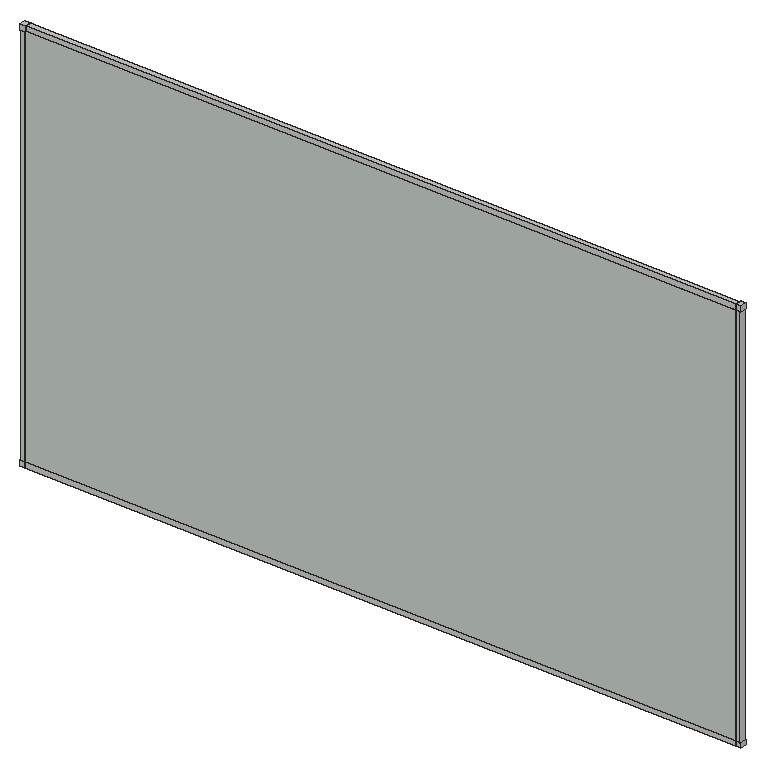
Revit family "TOTO_フリーサイズ大型鏡_一般鏡_4方フレーム_450～2400×17×450～1800", category 衛生器具, Revit 2022
Family settings
  丸型コネクタ寸法 = 直径を使用
  パーツ タイプ = 標準
  OmniClass 番号 = 23.45.00.00
  OmniClass タイトル = Sanitary, Laundry, and Cleaning Equipment
  作業面ベース = いいえ
  常に垂直 = はい
  ロード時にボイドで切り取り = いいえ
  注釈の向きを維持 = いいえ
  共有 = いいえ
  部屋計算ポイント = いいえ
Parameters (values of type "MMA5")
  高さ_下限 = 450 mm  # constant formula
  高さ_上限 = 1800 mm  # constant formula
  高さ [instance] = 1100 mm
  電線管接続口 = ""
  電源種別 = ""
  電源接続口 = ""
  電圧 = ""
  雑排水負荷単位 = 0
  陶器色 = ""
  負荷分類 = ""
  説明 = "フリーサイズ大型鏡_一般鏡_4方フレーム_450～2400×17×450～1800"
  設置形態 = ""
  記号 = ""
  製造元 = "TOTO株式会社"
  製造停止年月 = ""
  製品出荷対象 = "国内"
  製品リリース年月 = ""
  製品グループ = ""
  給湯負荷単位 = 0
  給水量情報 = ""
  給水負荷単位(洗浄) = 0
  給水負荷単位(水栓) = 0
  給水接続口情報 = ""
  給水接続口 = ""
  給水タイプ = ""
  系統 = ""
  符号 = ""
  積算_科目 = ""
  積算_拾い区分 = ""
  相 = ""
  盤記号 = ""
  特殊仕様 = ""
  消費電力 = ""
  消耗品・備品情報 = ""
  流量（L/min） = ""
  洗浄水量 = ""
  法定耐用年数 = ""
  汚水負荷単位 = 0
  標準取付高さ = "0"
  構成品番 = "MMA5"
  極数 = 2
  材質 = ""
  最高使用圧力 = ""
  最低使用圧力 = ""
  既定の高さ = 0 mm
  排水芯・排水高さ = "0"
  排水接続口情報 = ""
  排水接続口 = ""
  排水 = ""
  形式 = ""
  幹線記号 = ""
  幅_下限 = 450 mm  # constant formula
  幅_上限 = 2400 mm  # constant formula
  幅1 [instance] = 2000 mm
  幅 = "450"
  奥行 = "17"
  商品紹介URL = "https://jp.toto.com/products/public/accessory/index.htm"
  商品情報URL = "https://www.com-et.com/jp/item_view_manual/searchStr=MMA5/isHaiban=1/kensaku_info=2/datatype=1/hinban=MMA5A/renban=1/isNC=1/s_hinban=MMA5A/"
  呼称 = ""
  周波数 = ""
  取り付け高さ [instance] = 0 mm
  参照している仕様書等のバージョン = ""
  判定_高さ下限 [instance] = 高さ - 高さ_下限  # 650 mm
  判定_高さ上限 [instance] = 高さ_上限 - 高さ  # 700 mm
  判定_幅下限 [instance] = 幅1 - 幅_下限  # 1550 mm
  判定_幅上限 [instance] = 幅_上限 - 幅1  # 400 mm
  分類コード = ""
  分類グループ = ""
  使用水 = ""
  企業コード = "504860"
  付属単位 = ""
  仕様 = ""
  中水負荷単位 = 0
  中水接続口 = ""
  上水負荷単位 = 0
  モデル = "MMA5"
  メーカー型番 = ""
  パネル色 = ""
  データ作成年月 = ""
  データ作成ソフトVer = "Revit ver.2022"
  コメント [instance] = ""
  キーノート = "0表示の場合は商品仕様と設計数量をご確認ください"
  カウンター色 = ""
  URL = "https://jp.toto.com"
  JIS記号 = ""
  IfcTypeProduct = ""
  IfcProduct = ""
  IfcExportType = ""
  IfcExportAs = ""
  BLCJ仕様バージョン = "Version1.0"
  3Dファイル形式 = "rfa"
Reference planes
  plane 1 "中心(正面/背面)": y = 0
  plane 2: z = 0
  plane 3 "中心(左/右)": x = 0
  plane 4: x = -2000
  plane 5: x = -450
  plane 6: x = -2400
  plane 7: z = 1100
  plane 8: z = 450
  plane 9: z = 1800
  plane 10: z = 0
  plane 11: x = -1000
Forms (mm)
  Extrusion 1, solid, material "TOTO 鏡枠"
    sketch origin (0, 0, 0) x (1, 0, 0) y (0, 0, 1)
      loop
        line (-14.5, 1100) -> (-14.5, 1085.5) -> (0, 1085.5) -> (0, 1100) -> (-14.5, 1100)
    from 0 to -17.503
  Extrusion 2, solid, material "TOTO 鏡枠"
    sketch origin (27.279, 0, 0) x (1, 0, 0) y (0, 0, 1)
      loop
        line (-41.779, 1099) -> (-2012.279, 1099) -> (-2012.279, 1086) -> (-41.779, 1086) -> (-41.779, 1099)
    from 0 to -16.603
  Extrusion 3, solid, material "TOTO 鏡枠"
    sketch origin (0, 0, 0) x (1, 0, 0) y (0, 0, 1)
      loop
        line (-1, 14.5) -> (-1, 1085.5) -> (-14, 1085.5) -> (-14, 14.5) -> (-1, 14.5)
    from 0 to -16.603
  Extrusion 4, solid, material "TOTO 鏡"
    sketch origin (-120, 0, 0) x (1, 0, 0) y (0, 1, 0)
      loop
        line (106, 15.603) -> (-1866, 15.603) -> (-1866, 0) -> (106, 0) -> (106, 15.603)
    from 14 to 1086
  Extrusion 5, solid, material "TOTO 鏡枠"
    sketch origin (0, 0, 1101) x (1, 0, 0) y (0, 0, 1)
      loop
        line (-14.5, -1101) -> (0, -1101) -> (0, -1086.5) -> (-14.5, -1086.5) -> (-14.5, -1101)
    from 0 to -17.503
  Extrusion 6, solid, material "TOTO 鏡枠"
    sketch origin (-2000, 0, 0) x (-1, 0, 0) y (0, 0, -1)
      loop
        line (-15, -1100) -> (0, -1100) -> (0, -1085) -> (-15, -1085) -> (-15, -1100)
    from 0 to -17.503
  Extrusion 7, solid, material "TOTO 鏡枠"
    sketch origin (-2000, 0, 0) x (-1, 0, 0) y (0, 0, -1)
      loop
        line (-1, -14.5) -> (-14, -14.5) -> (-14, -1085) -> (-1, -1085) -> (-1, -14.5)
    from 0 to -16.603
  Extrusion 8, solid, material "TOTO 鏡枠"
    sketch origin (-2000, 0, 1101) x (-1, 0, 0) y (0, 0, -1)
      loop
        line (-14.5, 1101) -> (-14.5, 1086.5) -> (0, 1086.5) -> (0, 1101) -> (-14.5, 1101)
    from 0 to -17.503
  Extrusion 9, solid, material "TOTO 鏡枠"
    sketch origin (0, 0, 1101) x (1, 0, 0) y (0, 0, 1)
      loop
        line (-14.5, -1100) -> (-14.5, -1087) -> (-1985.5, -1087) -> (-1985.5, -1100) -> (-14.5, -1100)
    from 0 to -16.603
Lines and regions (mm)
  Masking region 1, detail levels medium+fine
    outline origin (0, 0, 0) x (1, 0, 0) y (0, 1, 0)
      loop
        line (-1985, 17.503) -> (-2000, 17.503) -> (-2000, 0) -> (0, 0) -> (0, 17.503) -> (-14.5, 17.503) -> (-14.5, 16.603) -> (-1985, 16.603) -> (-1985, 17.503)
Dimensions and locks
  locked: Extrusion 1 sketch curve to Extrusion 1 sketch curve at 14.5  (x2)
  locked: Extrusion 2 sketch curve to Extrusion 2 sketch curve at 13
  locked: Extrusion 3 sketch curve to Extrusion 3 sketch curve at 13
  locked: Extrusion 5 sketch curve to Extrusion 5 sketch curve at 14.5  (x2)
  locked: Extrusion 6 sketch curve to Extrusion 6 sketch curve at 15  (x2)
  locked: Extrusion 7 sketch curve to Extrusion 7 sketch curve at 13
  locked: Extrusion 8 sketch curve to Extrusion 8 sketch curve at 14.5  (x2)
  locked: Extrusion 9 sketch curve to Extrusion 9 sketch curve at 13
  "判定_幅下限": plane 5 to plane 4
  "判定_幅上限": plane 4 to plane 6
  "判定_高さ上限": plane 7 to plane 9
  "判定_高さ下限": plane 8 to plane 7
  "幅1": plane 3 "中心(左/右)" to plane 4
  locked: Extrusion 2 sketch curve to Extrusion 1 at 1
  locked: plane 3 "中心(左/右)" to Extrusion 3 sketch curve at 1
  locked: plane 4 to Extrusion 7 sketch curve at 1
  "取り付け高さ": level to plane 10
  "高さ": plane 10 to plane 7
  locked: plane 10 to Extrusion 9 sketch curve at 1
  equal spacing: plane 3 "中心(左/右)", plane 11, plane 4
  aligned and locked: level to plane 2
  aligned and locked: Extrusion 4 to Extrusion 9
  aligned and locked: Extrusion 2 to Extrusion 1
  aligned and locked: Extrusion 3 to Extrusion 1
  aligned and locked: Extrusion 7 to Extrusion 8
  aligned and locked: Extrusion 9 to Extrusion 8
  aligned and locked: Extrusion 3 to Extrusion 5
  aligned and locked: Extrusion 9 to Extrusion 5
  aligned and locked: Extrusion 1 to plane 7
  aligned and locked: Extrusion 6 to plane 7
  aligned and locked: Extrusion 7 to Extrusion 6
  aligned and locked: Extrusion 6 to plane 4  (x2)
  aligned and locked: Extrusion 2 to Extrusion 6
  aligned and locked: Extrusion 8 to plane 4
  aligned and locked: Extrusion 4 to Extrusion 3
  aligned and locked: Extrusion 4 to Extrusion 2
  aligned and locked: Extrusion 4 to Extrusion 7
  aligned and locked: Masking region 1 sketch curve to Extrusion 6  (x2)
  aligned and locked: Masking region 1 sketch curve to Extrusion 2
  aligned and locked: Masking region 1 sketch curve to Extrusion 1  (x3)
  aligned and locked: Extrusion 2 to Masking region 1 sketch curve
  aligned and locked: plane 10 to Extrusion 5
  aligned and locked: plane 10 to Extrusion 8
Automatic sketch dimensions
  Extrusion 1 sketch curve to plane 3 "中心(左/右)" = 0 mm
  plane 7 to Extrusion 1 sketch curve = 14.5 mm
  plane 4 to Extrusion 2 sketch curve = 15 mm
  Extrusion 2 sketch curve to plane 3 "中心(左/右)" = 14.5 mm
  level to Extrusion 3 sketch curve = 14.5 mm
  plane 7 to Extrusion 3 sketch curve = 14.5 mm
  Extrusion 4 sketch curve to plane 1 "中心(正面/背面)" = 0 mm
  plane 4 to Extrusion 4 sketch curve = 14 mm
  Extrusion 4 sketch curve to plane 3 "中心(左/右)" = 14 mm
  Extrusion 4 sketch curve to plane 1 "中心(正面/背面)" = 15.603 mm
  Extrusion 5 sketch curve to level = 0 mm
  Extrusion 5 sketch curve to plane 3 "中心(左/右)" = 0 mm
  Extrusion 7 sketch curve to level = 14.5 mm
  Extrusion 7 sketch curve to plane 7 = 15 mm
  level to Extrusion 8 sketch curve = 0 mm
  plane 4 to Extrusion 8 sketch curve = 14.5 mm
  Extrusion 9 sketch curve to plane 4 = 14.5 mm
  plane 3 "中心(左/右)" to Extrusion 9 sketch curve = 14.5 mm
  Extrusion 6 sketch curve to plane 4 = 15 mm
  Extrusion 6 sketch curve to plane 7 = 15 mm
  plane 4 to Masking region 1 sketch curve = 15 mm
